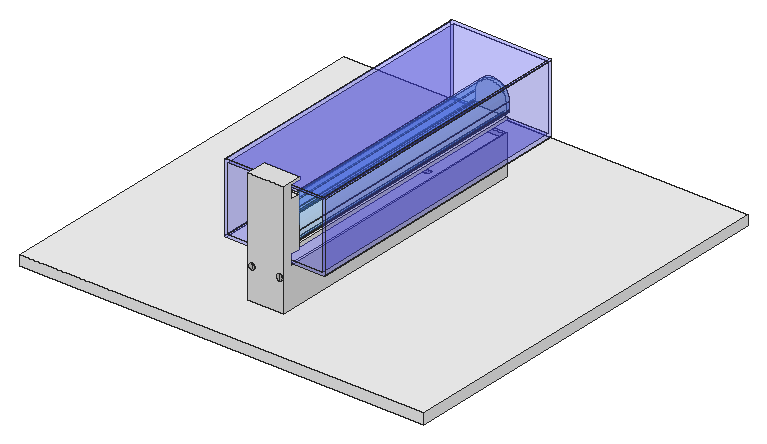
Revit family "BE_50138.2_de_DE", category Leuchten, Revit 2020
Family settings
  Basisbauteil = Fläche
  Bemaßung runder Anschluss = Durchmesser verwenden
  Teiletyp = Normal
  Beim Laden mit Abzugskörper schneiden = Ja
  Lichtquelle = Ja
  Gemeinsam genutzt = Nein
  Raumberechnungspunkt = Ja
Parameters (values of type "BEGA_50138.2_K4")
  built-in parameter 1150104 = 16.017 (stored number, unit not read)
  Wattage = 11.6 W
  Default Elevation = 0 mm
  built-in parameter 1150113 = 1 (stored number, unit not read)
  built-in parameter 1114218 = 1 (stored number, unit not read)
  Umgebungstemperatur = "25 °C"
  URL = "https://www.bega.com/de/produkt/50138.2"
  Typenkommentare = "© 2022 BEGA. Wir behalten uns das Recht vor, technische Änderungen ohne vorherige Ankündigung vorzunehmen."  # constant formula
  built-in parameter 1150134 = 12
  built-in parameter 1150109 = 1 (stored number, unit not read)
  Strom = ""
  built-in parameter 1150110 = 1 (stored number, unit not read)
  Spannung = 239.996 V
  Sonderanfertigung = no
  Seriennummer [instance] = "Hier können Sie die eindeutige Seriennummer für das Facility Management eintragen."
  Schutzklasse = "I"
  Schutzart = "IP 20"
  Scheinlast = 0 VA
  Produktdatenblatt = "https://cdn.bega.com/bega/products/50138.2K4/current/documents/data-sheets/de"
  Oberflächentemperatur = ""
  Neigungswinkel = 0.00°
  Modell = "50138.2K4"
  Material_34 = BEGA_Oberfläche_Weiss_matt
  Material_22 = BEGA_Oberfläche_Aluminium_matt
  Material_18 = BEGA_Kunststoff_Grafit_matt
  Material_13 = BEGA_Kunststoff_matt
  Material_11 = BEGA_Glas_opal
  Material_08 = BEGA_Oberfläche_Edelstahl_gebürstet
  Material_06 = BEGA_Oberfläche_Edelstahl_gebürstet
  M_W = no
  M_G = no
  M_A = no
  Logo = 0
  built-in parameter 1114217 = 1 (stored number, unit not read)
  built-in parameter 1150139 = (empty or 0)
  built-in parameter 1150105 = 159.15 (stored number, unit not read)
  built-in parameter 1150114 = 1 (stored number, unit not read)
  Lumens = 1999.96 lm
  built-in parameter 1150115 = 1 (stored number, unit not read)
  Leuchtenlichtstrom = "1198 lm"
  Leuchtenanzahl = ""
  Lebensdauerkriterien = "L70B50 @ 25 °C = 172000 h"
  Lastklassifizierung = Beleuchtung
  built-in parameter 1150112 = 1 (stored number, unit not read)
  Lampenlichtstrom = "2000 lm"
  Lampe = "LED 11.6 W"
  LED_Modulbezeichnung = "2x LED-0777/940"
  Hersteller = "BEGA"  # constant formula
  Halbstreuwinkel = ""
  Gewicht = "1.4 kg"
  Gebrauchslageneinschränkung [instance] = ""
  Frequenz = "0/50-60 Hz"
  Farbwiedergabeindex = "CRI > 90"
  Farbtemperaturverschiebung bei Dämpfen der Lampe = <Keine Auswahl>
  Farbtemperatur = "4000 K"
  Color Filter = 16777215
  built-in parameter 1150133 = 10 (stored number, unit not read)
  Energieeffizienzklasse = "LED A++ - A"
  built-in parameter 1150137 = (empty or 0)
  built-in parameter 1150132 = (empty or 0)
  ENEC = "ja"
  Dimmbar [instance] = "on/off"
  Datei für fotometrisches Netz = "BE_50138K4.IES"
  CE_Konformität = "ja"
  Bestellnummer = "50138.2K4"
  Beschreibung_Sonderanfertigung = "Hier können Sie Informationen zur Sonderanfertigung eintragen."
  Beschreibung = "Wandleuchte"
  built-in parameter 1150106 = 1.5915 (stored number, unit not read)
  Befestigungsbohrung = "Ø 6 mm"
  Befestigungsabstand = "175 mm"
  Ballwurfsicher = ""
  BEGA_Intern_aus = yes
  BEGA_Intern_an = yes
  BEGA_Intern_Konstruktion = yes
  BEGA_Intern = yes
  BEGA_IES = yes
  BEGA_Dummy = no
  Anschlussleitung = ""
  Anschlussleistung [instance] = "15 W"
  Anschlusskasten = ""
  built-in parameter 1150107 = 4000 (stored number, unit not read)
  built-in parameter 1150102 = (empty or 0)
  built-in parameter 1150138 = (empty or 0)
  Aktualisierung = "2022-11-23T04:00:03"
  Abstand_zur_angestrahlten_Fläche [instance] = ""
  AC/DC = "AC/DC"
Types (2, lengths in mm): name | built-in parameter 1150104 | built-in parameter 1150134 | Modell | built-in parameter 1150105 | Lumens | Leuchtenlichtstrom | Lampenlichtstrom | LED_Modulbezeichnung | Farbtemperatur | Datei für fotometrisches Netz | Bestellnummer | built-in parameter 1150106 | built-in parameter 1150107
  BEGA_50138.2_K4 | 16.017 (stored number, unit not read) | 12 | "50138.2K4" | 159.15 (stored number, unit not read) | 1999.96 lm | "1198 lm" | "2000 lm" | "2x LED-0777/940" | "4000 K" | "BE_50138K4.IES" | "50138.2K4" | 1.5915 (stored number, unit not read) | 4000 (stored number, unit not read)
  BEGA_50138.2_K3 | 15.137 (stored number, unit not read) | (empty or 0) | "50138.2K3" | 150.4 (stored number, unit not read) | 1889.99 lm | "1133 lm" | "1890 lm" | "2x LED-0777/930" | "3000 K" | "BE_50138K3.IES" | "50138.2K3" | 1.504 (stored number, unit not read) | 3000 (stored number, unit not read)
Reference planes
  plane 1 "Mitte (Vorne/Hinten)": y = 0
  plane 2: z = 0
  plane 3 "Mitte (Links/Rechts)": x = 0
  plane 4 "Links": x = -50
  plane 5 "Rechts": x = 50
  plane 6 "Unten": y = -145.75
  plane 7 "Oben": y = 145.75
  plane 8 "Vorne": z = 113
  plane 9 "Hinten": z = 0
Forms (mm)
  Extrusion 1, solid, material "BEGA_Platte_Weiss"
    sketch origin (0, -1119.2, 0) x (1, 0, 0) y (0, 1, 0)
      loop
        line (-200, 1319.2) -> (-200, 919.2) -> (200, 919.2) -> (200, 1319.2) -> (-200, 1319.2)
    from 0 to -10
  Extrusion 2, solid, material "BEGA_Dummy_matt", visible <- "BEGA_Dummy"
    sketch origin (80.095, -76.023, 0) x (1, 0, 0) y (0, 1, 0)
      loop
        line (-130.095, 221.773) -> (-130.095, -69.727) -> (-30.095, -69.727) -> (-30.095, 221.773) -> (-130.095, 221.773)
    from 0 to 113
Dimensions and locks
  plane 1 "Mitte (Vorne/Hinten)" to Extrusion 1 = 200 mm
  aligned and locked: Extrusion 1 to plane 2
  aligned and locked: level to Extrusion 1
Nested families
  nested 1: "BE_50138.2" at (0, 0, 0), type "BE_50138.2"
Connectors
  electrical at (0, 0, 0), driven by "Lastklassifizierung", driven by "Spannung", driven by "Scheinlast"
    settings: index 1, voltage 239.996 V, apparent load 0 VA, apparent load phase1 0 VA, apparent load phase2 0 VA, apparent load phase3 0 VA, power factor 1, load classification "Beleuchtung", number of poles 1, system type 31, power factor state 1, is connector primary yes, connector utility no, sub classification motor no, connector description ""
Definition of nested family "BE_50138.2"
  Parameters (values of type "BE_50138.2")
    Default Elevation = 1 mm
    URL = "http://www.bega.de/de/produkt"
    Type Comments = "© 2015 BEGA. Wir behalten uns das Recht vor, technische Änderungen ohne vorherige Ankündigung vorzunehmen. "  # constant formula
    Type Image = (empty or 0)
    Neigungswinkel_um_Z2 = 0.00°
    Neigungswinkel_um_Z1 = 0.00°
    Neigungswinkel_um_Y2 = 0.00°
    Neigungswinkel_um_Y1 = 0.00°
    Neigungswinkel_um_X2 = 0.00°
    Neigungswinkel_um_X1 = 0.00°
    Material_34 = none
    Material_22 = none
    Material_18 = none
    Material_17 = none
    Material_15 = none
    Material_13 = none
    Material_12 = none
    Material_11 = none
    Material_09 = none
    Material_08 = none
    Material_06 = none
    Material_05 = none
    Material_04 = none
    Material_03 = none
    Material_02 = none
    Material_01 = none
    M_W = yes
    M_G = yes
    M_A = yes
    Länge_Platte = 200 mm  # constant formula
    Höhe_Platte = -10 mm  # constant formula
    Manufacturer = "BEGA"  # constant formula
    Drehwinkel_um_Z2 = 0.00°
    Drehwinkel_um_Z1 = 0.00°
    Breite_Platte = 400 mm  # constant formula
  Reference planes
    plane 1 "Mitte (Oben/Unten)": y = 0
    plane 2: z = 0
    plane 3 "Mitte (Links/Rechts)": x = 0
    plane 4: x = -50
    plane 5: x = 50
    plane 6: z = 113
    plane 7: y = -145.75
    plane 8: y = 145.75
  Forms (mm)
    Extrusion 1, solid, detail levels medium
      sketch origin (0, 0, 0) x (1, 0, 0) y (0, 1, 0)
        loop
          line (-100, 200) -> (-100, -200) -> (100, -200) -> (100, 200) -> (-100, 200)
      from 0 to -10 <- "Höhe_Platte"
    Sweep 2, solid, material <- "Material_22", detail levels medium+fine
      path origin (0, 0, 0) x (1, 0, 0) y (0, 1, 0)
        loop
          line (-17.5, 130.75) -> (-17.5, -145.75) -> (17.5, -145.75) -> (17.5, 130.75) -> (-17.5, 130.75)
      profile origin (0, 130.75, 0) x (0, 1, 0) y (0, 0, 1)
        loop
          line (0, 38.8) -> (-2, 38.8) -> (-2, 34.5) -> (-14.75, 34.5) -> (-14.75, 31.5) -> (-2, 31.5) -> (-2, 0) -> (0, 0) -> (0, 38.8)
    Extrusion 3, solid, material <- "Material_22", detail levels medium+fine
      sketch origin (0, 0, 0) x (0, 1, 0) y (0, 0, 1)
        loop
          line (-145.75, 113) -> (-145.75, 34.5) -> (-136.25, 34.5) -> (-136.25, 49) -> (-127.25, 49) -> (-127.25, 97.8) -> (-136.25, 97.8) -> (-136.25, 109.8) -> (-125.75, 109.8) -> (-125.75, 113) -> (-145.75, 113)
      from -17.5 to 17.5
    Extrusion 4, solid, material <- "Material_22", detail levels medium+fine
      sketch origin (0, 0, 0) x (1, 0, 0) y (0, 1, 0)
        loop
          line (-4, -131) -> (3.37, -131) -> (3.37, 116) -> (-4, 116) -> (-4, -131)
      from 31.5 to 34.5
    Extrusion 5, solid, material <- "Material_34", detail levels medium+fine
      sketch origin (0, 0, 0) x (0, 1, 0) y (0, 0, 1)
        loop
          line (-127.25, 97.5) -> (-127.25, 49) -> (132.75, 49) -> (132.75, 52) -> (-123.25, 52)
          arc (-123.25, 52) -> (-123.957, 52.293) -> (-124.25, 53) r 1
          line (-124.25, 53) -> (-124.25, 97.5) -> (-127.25, 97.5)
      from -15.5 to 15.5
    Extrusion 6, solid, material <- "Material_11", detail levels medium+fine
      sketch origin (0, 0, 0) x (1, 0, 0) y (0, 0, 1)
        loop
          line (48.5, 109) -> (-48.5, 109)
          arc (-48.5, 109) -> (-49.561, 108.561) -> (-50, 107.5) r 1.5
          line (-50, 107.5) -> (-50, 40.5)
          arc (-50, 40.5) -> (-49.561, 39.439) -> (-48.5, 39) r 1.5
          line (-48.5, 39) -> (48.5, 39)
          arc (48.5, 39) -> (49.561, 39.439) -> (50, 40.5) r 1.5
          line (50, 40.5) -> (50, 107.5)
          arc (50, 107.5) -> (49.561, 108.561) -> (48.5, 109) r 1.5
        loop
          line (47, 106) -> (-47, 106) -> (-47, 42) -> (47, 42) -> (47, 106)
      from -145.75 to 134.25
    Extrusion 7, solid, material <- "Material_18", detail levels medium+fine
      sketch origin (0, 0, 0) x (0, 1, 0) y (0, 0, 1)
        loop
          line (-134.65, 34.5) -> (-134.65, 48.5) -> (-136.25, 48.5) -> (-136.25, 34.5) -> (-134.65, 34.5)
      from -15.5 to 15.5
    Extrusion 8, void
      sketch origin (0, 0, 0) x (1, 0, 0) y (0, 1, 0)
        loop
          circle (0, -124.75) r 3
        loop
          arc (3, 47.25) -> (6, 50.25) -> (3, 53.25) r 3
          line (3, 53.25) -> (-3, 53.25)
          arc (-3, 53.25) -> (-6, 50.25) -> (-3, 47.25) r 3
          line (-3, 47.25) -> (3, 47.25)
      from 30.154 to 35.717
    Revolve 9, solid, material <- "Material_06", detail levels fine
      sketch origin (13.75, 0, 20) x (0, 1, 0) y (0, 0, -1)
        loop
          line (-145.769, -11) -> (-145.769, -13.8) -> (-144.636, -13.8) -> (-144.636, -11) -> (-145.769, -11)
        axis (-144.636, -11) -> (-145.769, -11)
      angle from 0 to 360
    Revolve 10, solid, material <- "Material_08", detail levels fine
      sketch origin (0, 0, 0) x (0, 1, 0) y (0, 0, 1)
        loop
          line (-122.75, 96.5) -> (-124.05, 96.5) -> (-124.05, 94.6) -> (-127.25, 94.6) -> (-127.25, 92.5) -> (-119.613, 92.5) -> (-119.613, 94.443)
          arc (-119.613, 94.443) -> (-119.895, 95.389) -> (-120.288, 96.295) r 8.23
          line (-120.288, 96.295) -> (-122.75, 96.5)
        axis (-119.613, 92.5) -> (-127.25, 92.5)
      angle from 0 to 360
    Extrusion 11, solid, material <- "Material_34", detail levels medium+fine
      sketch origin (0, 0, 0) x (1, 0, 0) y (0, 0, 1)
        loop
          line (-15.2, 63.6) -> (-15.2, 56.033)
          arc (-15.2, 56.033) -> (-14.897, 55.303) -> (-14.167, 55) r 1.033
          line (-14.167, 55) -> (-11.5, 55) -> (-11.5, 49) -> (11.5, 49) -> (11.5, 55) -> (14.167, 55)
          arc (14.167, 55) -> (14.897, 55.303) -> (15.2, 56.033) r 1.033
          line (15.2, 56.033) -> (15.2, 63.6)
          arc (15.2, 63.6) -> (0, 78.8) -> (-15.2, 63.6) r 15.2
      from -135.75 to -132.75
    Revolve 12, solid, material <- "Material_06", detail levels fine
      sketch origin (-13.75, 0, 20) x (0, 1, 0) y (0, 0, 1)
        loop
          line (-145.769, 11) -> (-144.636, 11) -> (-144.636, 13.8) -> (-145.769, 13.8) -> (-145.769, 11)
        axis (-144.636, 11) -> (-145.769, 11)
      angle from 0 to 360
    Extrusion 13, solid, material <- "Material_13", detail levels medium+fine
      sketch origin (0, 0, 0) x (1, 0, 0) y (0, 0, 1)
        loop
          line (-14.1, 53.557) -> (-12.122, 53.644)
          arc (-12.122, 53.644) -> (-11.501, 54.321) -> (-12.178, 54.943) r 0.65
          line (-12.178, 54.943) -> (-14.156, 54.856)
          arc (-14.156, 54.856) -> (-14.892, 55.133) -> (-15.2, 55.855) r 1
          line (-15.2, 55.855) -> (-15.2, 63.6)
          arc (-15.2, 63.6) -> (0, 78.8) -> (15.2, 63.6) r 15.2
          line (15.2, 63.6) -> (15.2, 55.855)
          arc (15.2, 55.855) -> (14.892, 55.133) -> (14.156, 54.856) r 1
          line (14.156, 54.856) -> (12.178, 54.943)
          arc (12.178, 54.943) -> (11.501, 54.321) -> (12.122, 53.644) r 0.65
          line (12.122, 53.644) -> (14.1, 53.557)
          arc (14.1, 53.557) -> (15.79, 54.194) -> (16.5, 55.855) r 2.3
          line (16.5, 55.855) -> (16.5, 63.6)
          arc (16.5, 63.6) -> (0, 80.1) -> (-16.5, 63.6) r 16.5
          line (-16.5, 63.6) -> (-16.5, 55.855)
          arc (-16.5, 55.855) -> (-15.79, 54.194) -> (-14.1, 53.557) r 2.3
      from -135.75 to 124.25
  Cuts and joins
    Extrusion 8 cuts Sweep 2
    Extrusion 8 cuts Extrusion 3
    Extrusion 8 cuts Extrusion 4
    joined: Sweep 2, Extrusion 3, Extrusion 4
    Extrusion 8 cuts Extrusion 5
    joined: Extrusion 5, Extrusion 11
    Extrusion 8 cuts Extrusion 6
  Dimensions and locks
    equal spacing: Extrusion 1 sketch curve, plane 3 "Mitte (Links/Rechts)", Extrusion 1 sketch curve
    equal spacing: Extrusion 1 sketch curve, plane 1 "Mitte (Oben/Unten)", Extrusion 1 sketch curve
    "Länge_Platte": Extrusion 1 sketch curve to Extrusion 1 sketch curve
    "Breite_Platte": Extrusion 1 sketch curve to Extrusion 1 sketch curve
    aligned and locked: Extrusion 1 to plane 2
    aligned and locked: level to Extrusion 1
  Automatic sketch dimensions
    Sweep 2 sketch curve to plane 3 "Mitte (Links/Rechts)" = 17.5 mm
    plane 3 "Mitte (Links/Rechts)" to Sweep 2 sketch curve = 17.5 mm
    Sweep 2 sketch curve to level = 0 mm
    Sweep 2 sketch curve to profile plane = 0 mm
    profile plane to Sweep 2 sketch curve = 2 mm  (x2)
    Sweep 2 sketch curve to Sweep 2 sketch curve = 12.75 mm
    level to Sweep 2 sketch curve = 31.5 mm
    Sweep 2 sketch curve to Sweep 2 sketch curve = 3 mm
    Sweep 2 sketch curve to Sweep 2 sketch curve = 4.3 mm
    Extrusion 3 sketch curve to Extrusion 3 sketch curve = 9.5 mm  (x2)
    Extrusion 3 sketch curve to Extrusion 3 sketch curve = 9 mm
    Extrusion 3 sketch curve to Extrusion 3 sketch curve = 10.5 mm
    Extrusion 3 sketch curve to Extrusion 3 sketch curve = 14.5 mm
    Extrusion 3 sketch curve to Extrusion 3 sketch curve = 12 mm
    Extrusion 3 sketch curve to Extrusion 3 sketch curve = 3.2 mm
    Extrusion 4 sketch curve to plane 3 "Mitte (Links/Rechts)" = 4 mm
    plane 3 "Mitte (Links/Rechts)" to Extrusion 4 sketch curve = 3.37 mm
    Extrusion 5 sketch curve to Extrusion 5 sketch curve = 3 mm  (x2)
    Extrusion 5 sketch curve to Extrusion 5 sketch curve = 1 mm
    Extrusion 6 sketch curve to plane 4 = 0 mm
    plane 5 to Extrusion 6 sketch curve = 0 mm
    plane 4 to Extrusion 6 sketch curve = 1.5 mm  (x2)
    Extrusion 6 sketch curve to Extrusion 6 sketch curve = 1.5 mm  (x4)
    plane 5 to Extrusion 6 sketch curve = 3 mm
    plane 5 to Extrusion 6 sketch curve = 1.5 mm
    level to Extrusion 6 sketch curve = 39 mm
    Extrusion 7 sketch curve to Extrusion 7 sketch curve = 1.6 mm
    level to Extrusion 7 sketch curve = 34.5 mm
    Extrusion 7 sketch curve to Extrusion 7 sketch curve = 14 mm
    Extrusion 8 sketch curve to plane 3 "Mitte (Links/Rechts)" = 0 mm
    Extrusion 8 sketch curve to plane 3 "Mitte (Links/Rechts)" = 3 mm
    plane 3 "Mitte (Links/Rechts)" to Extrusion 8 sketch curve = 3 mm
    Extrusion 8 sketch curve to Extrusion 8 sketch curve = 3 mm
    Revolve 9 sketch curve to Revolve 9 sketch curve = 1.133 mm
    level to Revolve 9 sketch curve = 33.8 mm
    Revolve 9 sketch curve to Revolve 9 sketch curve = 2.8 mm
    Revolve 9 sketch curve to Revolve 9 sketch curve = 0.8 mm
    level to Revolve 9 sketch curve = 31 mm
    Revolve 10 sketch curve to Revolve 10 sketch curve = 0.377 mm
    Revolve 10 sketch curve to Revolve 10 sketch curve = 3.2 mm
    Revolve 10 sketch curve to Revolve 10 sketch curve = 1.3 mm
    Revolve 10 sketch curve to Revolve 10 sketch curve = 2.462 mm
    Revolve 10 sketch curve to Revolve 10 sketch curve = 1.089 mm
    Revolve 10 sketch curve to Revolve 10 sketch curve = 0.048 mm
    Revolve 12 sketch curve to Revolve 12 sketch curve = 1.133 mm
    level to Revolve 12 sketch curve = 31 mm  (x2)
    Revolve 12 sketch curve to Revolve 12 sketch curve = 2.8 mm
    Revolve 12 sketch curve to Revolve 12 sketch curve = 0.8 mm
    Extrusion 13 sketch curve to plane 3 "Mitte (Links/Rechts)" = 14.2 mm
    Extrusion 13 sketch curve to Extrusion 13 sketch curve = 0.1 mm  (x2)
    Extrusion 13 sketch curve to Extrusion 13 sketch curve = 2.298 mm
    Extrusion 13 sketch curve to Extrusion 13 sketch curve = 1.978 mm  (x2)
    Extrusion 13 sketch curve to Extrusion 13 sketch curve = 0.086 mm  (x2)
    Extrusion 13 sketch curve to Extrusion 13 sketch curve = 0.056 mm
    Extrusion 13 sketch curve to Extrusion 13 sketch curve = 0.028 mm  (x3)
    Extrusion 13 sketch curve to Extrusion 13 sketch curve = 0.649 mm  (x4)
    Extrusion 13 sketch curve to Extrusion 13 sketch curve = 0.044 mm  (x2)
    Extrusion 13 sketch curve to Extrusion 13 sketch curve = 0 mm  (x13)
    Extrusion 13 sketch curve to Extrusion 13 sketch curve = 0.999 mm  (x2)
    Extrusion 13 sketch curve to Extrusion 13 sketch curve = 1 mm
    Extrusion 13 sketch curve to Extrusion 13 sketch curve = 7.745 mm  (x2)
    Extrusion 13 sketch curve to plane 3 "Mitte (Links/Rechts)" = 0 mm
    Extrusion 13 sketch curve to Extrusion 13 sketch curve = 2.3 mm
    Extrusion 11 sketch curve to plane 3 "Mitte (Links/Rechts)" = 0 mm
    Extrusion 11 sketch curve to plane 3 "Mitte (Links/Rechts)" = 11.5 mm
    Extrusion 11 sketch curve to Extrusion 11 sketch curve = 2.667 mm
    Extrusion 11 sketch curve to Extrusion 11 sketch curve = 1.033 mm  (x2)
    Extrusion 11 sketch curve to Extrusion 11 sketch curve = 3.7 mm
    Extrusion 11 sketch curve to Extrusion 11 sketch curve = 0 mm
    Extrusion 11 sketch curve to Extrusion 11 sketch curve = 7.567 mm
    Extrusion 11 sketch curve to Extrusion 11 sketch curve = 6 mm
    level to Extrusion 3 sketch curve = 34.5 mm
    Extrusion 3 sketch curve to Extrusion 3 sketch curve = 48.8 mm
    level to Extrusion 5 sketch curve = 49 mm
    Extrusion 5 sketch curve to Extrusion 5 sketch curve = 44.5 mm
    Extrusion 6 sketch curve to Extrusion 6 sketch curve = 64 mm
    Revolve 10 sketch curve to Revolve 10 sketch curve = 0.675 mm
    level to Revolve 10 sketch curve = 92.5 mm
    Revolve 10 sketch curve to Revolve 10 sketch curve = 0.07 mm
    Revolve 10 sketch curve to Revolve 10 sketch curve = 1.943 mm
    Revolve 10 sketch curve to Revolve 10 sketch curve = 2.1 mm
    Revolve 10 sketch curve to Revolve 10 sketch curve = 1.9 mm
    Revolve 10 sketch curve to Revolve 10 sketch curve = 0 mm
    level to Extrusion 11 sketch curve = 49 mm
    level to Extrusion 13 sketch curve = 53.557 mm
    plane 1 "Mitte (Oben/Unten)" to Sweep 2 sketch curve = 145.75 mm
    plane 1 "Mitte (Oben/Unten)" to Extrusion 3 sketch curve = 145.75 mm
    plane 1 "Mitte (Oben/Unten)" to Extrusion 4 sketch curve = 131 mm
    plane 1 "Mitte (Oben/Unten)" to Extrusion 5 sketch curve = 123.25 mm
    plane 1 "Mitte (Oben/Unten)" to Extrusion 7 sketch curve = 136.25 mm
    plane 1 "Mitte (Oben/Unten)" to Extrusion 8 sketch curve = 124.75 mm
    plane 1 "Mitte (Oben/Unten)" to Revolve 9 sketch curve = 145.769 mm
    Revolve 9 sketch curve to Revolve 9 sketch curve = 66.132 mm
    plane 1 "Mitte (Oben/Unten)" to Revolve 10 sketch curve = 127.627 mm
    plane 1 "Mitte (Oben/Unten)" to Revolve 12 sketch curve = 145.769 mm
    Revolve 12 sketch curve to Revolve 12 sketch curve = 66.132 mm
    Sweep 2 sketch curve to plane 8 = 15 mm
    Extrusion 4 sketch curve to plane 8 = 29.75 mm
    Extrusion 5 sketch curve to plane 8 = 13 mm
    Extrusion 8 sketch curve to plane 1 "Mitte (Oben/Unten)" = 47.25 mm
    radius of Extrusion 8 sketch curve = 3 mm
